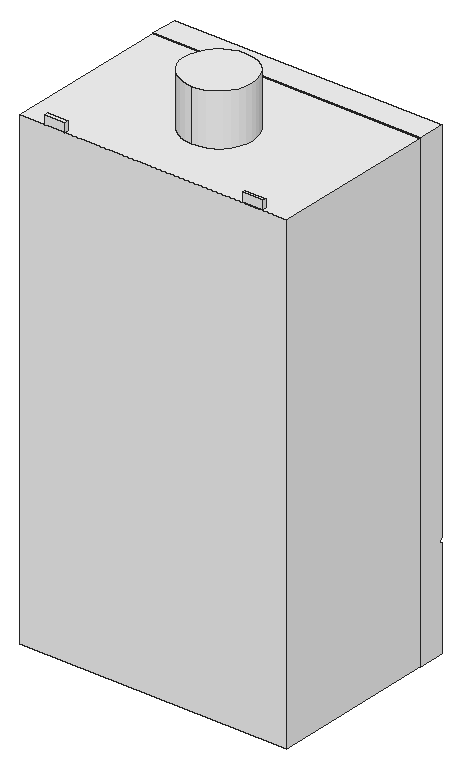
Revit family "G-2021_ES_Caldera_De-Dietrich_Inidens", category Mechanical Equipment, host Wall, Revit 2021
Family settings
  Host = Wall
  Round Connector Dimension = Use Diameter
  Part Type = Normal
  OmniClass Number = 23.65.35.11
  OmniClass Title = Supply Water Heaters
  Always vertical = Yes
  Cut with Voids When Loaded = No
  Shared = No
  Room Calculation Point = No
Parameters (values of type "INIDENS 24")
  Área de Superficie de Transferencia de Calor = 0.00 m²
  Zona = ""
  Vida Util Esperada = ""
  Version Estandar GDO-BIM = "GDO-BIM V02"  # constant formula
  Version = "RVT2021"  # constant formula
  Unidad Medicion = "Unidad"
  Unidad = ""
  Uniclass2015 Titulo = "Boilers"  # constant formula
  Uniclass2015 Codigo = "Pr_60-60-08"  # constant formula
  URL de Declaracion de Prestaciones = ""
  URL Producto = "https://www.dedietrich-calefaccion.es/productos/gama_de_productos/calderas_murales_domesticas/gas_de_condensacion_inidens"
  URL Perfil BIM = "https://bimetica.com/es/objeto-bim-dedietrich-caldera-gas-inidens-11066.html"
  URL = "www.dedietrich-calefaccion.es"
  UNSPSC Titulo = "Boilers"  # constant formula
  UNSPSC Codigo = "40102000"  # constant formula
  Titular = "De Dietrich Thermique Iberia, S.L.U."  # constant formula
  Tipo Embalaje Proteccion = ""
  Tiempo Util De Vida = ""
  Tiempo Medio Entre Fallos = ""
  Telefono Contacto = "+34 900 802 143"  # constant formula
  Soporte tecnico BIM = "https://bimsupport.info/es/fabricantes/de-dietrich-bim/"
  Sistema = ""
  Serie = "INIDENS"  # constant formula
  Responsable Seguridad = ""
  Responsable Prescripcion = ""
  Responsable Compra = ""
  Residuos Peligrosos por Unidad = 0
  Residuos No Peligrosos por Unidad = 0
  Residuo Radioactivo por Unidad = 0
  Residuo Inerte por Unidad = 0
  Relacion de carga parcial nominal = 0
  Referencia Unidad Funcional = ""
  Referencia Lote = ""
  Referencia Contacto Soporte Tecnico = ""
  Referencia Contacto Comercial Venta = ""
  Referencia = "INIDENS"  # constant formula
  Rango de temperatura de suministro de agua = "de 35 a 60 °C"
  Rango de temperatura de salida = "de 25 a 80 °C"
  Punto de Contacto = ""
  Profundidad = 285 mm
  Plataforma descaga contenido BIM = "www.bimetica.com"
  Peso = 0.00 kg
  Periodo Garantia = ""
  Partida URL = ""
  Pais de Venta = ""
  Omniclass Titulo = "Commercial Boilers"  # constant formula
  Omniclass Codigo = "23-33 11 00"  # constant formula
  Numero de Licencia = "XXX-XXXX7125"  # constant formula
  Numero de Declaracion de Prestaciones = ""
  Numero Serie = ""
  Numero Articulo Global Comercial = ""
  Numero Articulo = ""
  Nivel de Riesgo = ""
  Modo operativo = ""
  Model = "INIDENS 24"
  Material Envoltura = ""
  Material Contenedor = ""
  Material = Latón, pintado blanco
  Masterformat Titulo = "Heating Boilers"  # constant formula
  Masterformat Codigo = "23 52 00"  # constant formula
  Marcado CE = no
  Manufacturer = "De Dietrich Thermique Iberia, S.L.U."  # constant formula
  Mantenimiento = ""
  Lugar Ensamblaje = ""
  Instrucciones Especiales = ""
  Informacion Tecnica = "https://www.dedietrich-calefaccion.es/download/file?file=var/ddth/storage/original/application/f0647964f0aa059b114d64cc7919898b.pdf&filename=Folleto_te_cnico_INIDENS_20_05.pdf"
  IfcExportType = "Caldera"
  IfcExportAs = "IfcBoiler"  # constant formula
  Identificador Garantia = ""
  Historial = "(RVT2021) Creación de Elemento."  # constant formula
  Gubimclass Titulo = "Calderas"  # constant formula
  Gubimclass Codigo = "50.30.10.40"  # constant formula
  Garantia Extendida = yes
  Fuente de energia = "gas natural o propano"
  Fuente Datos LCA = ""
  Formacion Fotoquimica Ozono por Unidad = 0
  Fecha Vencimiento Elemento BIM = "25.05.2023"  # constant formula
  Fecha Suministro = ""
  Fecha Inicio Garantia = ""
  Fecha Fin Garantia = ""
  Fecha Evaluacion = ""
  Fecha Emision Elemento BIM = "25.05.2022"  # constant formula
  Fecha Compra = ""
  Fecha Colocacion = ""
  Fase Ciclo Vida = ""
  Falta de Recursos por Unidad = 0
  Exclusiones = ""
  Eutrofizacion por Unidad = 0
  Etiqueta Modelo = "INIDENS 24"
  Estandar seguridad = ""
  Espacio libre acceso = 0 mm
  Espacio = ""
  Es calentador de almacenamiento de agua = yes
  Es Exterior = no
  Es Accesible = yes
  Energia consumida = 0
  Energia Renovable Consumida por Unidad = 0
  Energia Primaria Total Consumida por Unidad = 0
  Energia No Renovable Consumida por Unidad = 0
  Email Contacto = "info@dedietrichthemique.es"  # constant formula
  Diámetro Salida Gases Combustión = 609.6 mm
  Diámetro Salida ACS = 12.7 mm
  Diámetro Retorno Calefacción = 12.7 mm
  Diámetro Impulsión Calefacción = 19.1 mm
  Diámetro Entrada Agua Fría = 12.7 mm
  Diámetro Desagüe de Condensados = 12.7 mm
  Diámetro Desagüe Válvula Seguridad = 12.7 mm
  Destruccion Capa Ozono Estratosferica por Unidad = 0
  Desfase = 0 mm
  Description = "Calderas murales de condensación de gas completamente preajustadas, equipadas para funcionar con gas natural o propano."
  Descripcion Evaluacion = ""
  Dependiente De = ""
  Default Elevation = 0 mm
  Declaracion Ambiental de Producto URL = ""
  Curvas de eficiencia de carga parcial = 0
  Creditos LEED = ""
  Creditos BREEAM = ""
  Coste Mantenimiento = 0
  Contenido Garantia = ""
  Contacto = ""
  Consumo nominal de energia = 24000 W
  Condiciones de Venta = ""
  Condiciones Evaluacion = ""
  Codigo Barras = ""
  Codigo = "INIDENS 24"
  Caudal ACS = 0.0 L/s
  Capacidad de almacenamiento de agua = 0.00 m³
  Cambio Climatico por Unidad = 0
  Calificacion de presion = 100.0 Pa
  COBie Categoria = "IfcBoiler"
  Base Precio Producto 03 = ""
  Base Precio Producto 02 = ""
  Base Precio Producto 01 = ""
  Autor = "De Dietrich Thermique Iberia, S.L.U."  # constant formula
  Ano Produccion = ""
  Anchura = 395 mm
  Altura minima requerida = 1200 mm
  Altura = 776 mm
  Agua Consumida por Unidad = 0
  Acidificacion Atmosferica por Unidad = 0
  Acabado = ""
Types (4, lengths in mm): name | Diámetro Salida Gases Combustión | Consumo nominal de energia
  INIDENS 24 | 609.6 | 24000 W
  INIDENS 20/24 MI | 609.6 | 20000 W
  INIDENS 24/28 MI | 609.6 | 24000 W
  INIDENS 30/35 MI | 100 | 30000 W
Reference planes
  plane 1 "Wall": y = 0
  plane 2 "Center (Left/Right)": x = 0
  plane 3 "Back": y = 75
  plane 4: x = -197.5
  plane 5: x = 197.5
  plane 6 "Front": y = 360
  plane 7 "Top": z = 1976
  plane 8 "Center (Elevation)": z = 1588
  plane 9 "Bottom": z = 1200
  plane 10 "T": z = 1900
Forms (mm)
  Extrusion 1, solid, material "Latón, pintado blanco" <- "Material", detail levels medium+fine
    sketch origin (-709.776, 225, 1200) x (0, 1, 0) y (1, 0, 0)
      loop
        line (95, 512.276) -> (95, 907.276) -> (-150, 907.276) -> (-150, 512.276) -> (95, 512.276)
    from 0 to -700
  Extrusion 2, solid, material "Latón, pintado blanco" <- "Material", detail levels medium+fine
    sketch origin (0, 0, 0) x (0, 1, 0) y (0, 0, 1)
      loop
        line (360, 1900) -> (321, 1900) -> (321, 1200) -> (360, 1200) -> (360, 1346.464) -> (356.464, 1350) -> (360, 1353.536) -> (360, 1900)
    from -197.5 to 197.5
  Extrusion 3, void
    sketch origin (843.71, 360, 1200) x (-1, 0, 0) y (0, 0, 1)
      loop
        line (763.71, 103.232) -> (763.71, 43.232) -> (923.71, 43.232) -> (923.71, 103.232) -> (763.71, 103.232)
      loop
        line (843.71, 164.142) -> (829.568, 150) -> (843.71, 135.858) -> (857.852, 150) -> (843.71, 164.142)
    from 0 to -3.455
  Extrusion 4, void
    sketch origin (843.71, 356.545, 1200) x (1, 0, 0) y (0, 0, 1)
      loop
        line (-813.71, 88.232) -> (-873.71, 88.232) -> (-873.71, 58.232) -> (-813.71, 58.232) -> (-813.71, 88.232)
    from 0 to 1
  Extrusion 5, solid, detail levels fine
    sketch origin (-709.776, 225, 1200) x (0, 1, 0) y (1, 0, 0)
      loop
        circle (-82.5, 879.276) r 15
      loop
        circle (-45, 839.776) r 15
      loop
        circle (-45, 774.776) r 15
      loop
        circle (-45, 644.776) r 15
      loop
        circle (-45, 579.776) r 15
      loop
        circle (4, 774.776) r 15
      loop
        circle (-15, 709.776) r 15
      loop
        circle (4, 824.776) r 15
      loop
        circle (4, 652.776) r 15
    from 0 to 1
  Extrusion 6, solid, material "Latón, pintado blanco" <- "Material", detail levels fine
    sketch origin (0, 75, 0) x (1, 0, 0) y (0, 0, 1)
      loop
        line (161, 1913) -> (131, 1913) -> (131, 1900) -> (161, 1900) -> (161, 1913)
      loop
        line (-161, 1913) -> (-161, 1900) -> (-131, 1900) -> (-131, 1913) -> (-161, 1913)
    from 0 to -5
  Extrusion 7, solid, material "Latón, pintado blanco" <- "Material", detail levels medium+fine
    sketch origin (0, 0, 1976) x (0, 1, 0) y (-1, 0, 0)
      loop
        circle (195, 0) r 50
    from 0 to -76
  Extrusion 8, solid, material "Latón, pintado blanco" <- "Material", detail levels coarse
    sketch origin (0, 0, 1976) x (0, 1, 0) y (-1, 0, 0)
      loop
        line (360, 197.5) -> (75, 197.5) -> (75, -197.5) -> (360, -197.5) -> (360, 197.5)
    from 0 to -776
Cuts and joins
  Extrusion 3, Extrusion 4 cuts Extrusion 1
  Extrusion 3, Extrusion 4 cuts Extrusion 2
Text (mm)
  text "Placement side" at (-1820.995, 1116.779, 0), in view "Ref. Level"
  text "Placement side" at (0, 1334.055, 2976.191), in view "Left"
  text "Placement side" at (0, 439.194, 2944.362), in view "Right"
Dimensions and locks
  "Desfase": host wall to plane 3 "Back"
  "Profundidad": plane 3 "Back" to plane 6 "Front"
  equal spacing: plane 4, plane 2 "Center (Left/Right)", plane 5
  "Anchura": plane 4 to plane 5
  equal spacing: plane 9 "Bottom", plane 8 "Center (Elevation)", plane 7 "Top"
  "Altura": plane 9 "Bottom" to plane 7 "Top"
  "Altura minima requerida": level to plane 9 "Bottom"
  locked: plane 10 "T" to plane 7 "Top" at 76
  locked: Extrusion 1 sketch curve to plane 6 "Front" at 40
  locked: plane 6 "Front" to Extrusion 2 sketch curve at 39
  plane 9 "Bottom" to Extrusion 2 sketch curve to Extrusion 2 sketch curve to Extrusion 2 sketch curve = 146.464 mm locked, 3.536 mm locked, 3.536 mm locked
  Extrusion 6 sketch curve to Extrusion 6 sketch curve to plane 4 = 30 mm locked, 36.5 mm locked
  Extrusion 6 sketch curve to Extrusion 6 sketch curve to plane 5 = 30 mm locked, 36.5 mm locked
  locked: plane 10 "T" to Extrusion 6 sketch curve at 13
  locked: plane 3 "Back" to Extrusion 7 sketch curve at 120
  Extrusion 5 sketch curve to plane 2 "Center (Left/Right)" to Extrusion 5 sketch curve to Extrusion 5 sketch curve = 57 mm locked, 65 mm locked, 50 mm locked
  plane 3 "Back" to Extrusion 5 sketch curve to Extrusion 5 sketch curve to Extrusion 5 sketch curve to Extrusion 5 sketch curve to Extrusion 5 sketch curve to Extrusion 5 sketch curve to Extrusion 5 sketch curve to Extrusion 5 sketch curve to Extrusion 5 sketch curve = 67.5 mm locked, 37.5 mm locked, 0 mm locked, 0 mm locked, 0 mm locked, 30 mm locked, 19 mm locked, 0 mm locked, 0 mm locked
  plane 4 to Extrusion 5 sketch curve to Extrusion 5 sketch curve = 67.5 mm locked, 50 mm locked
  Extrusion 5 sketch curve to Extrusion 5 sketch curve to Extrusion 5 sketch curve to plane 5 = 50 mm locked, 39.5 mm locked, 28 mm locked
  aligned and locked: plane 1 "Wall" to host wall
  aligned and locked: plane 4 to Extrusion 1 sketch curve
  aligned and locked: plane 3 "Back" to Extrusion 1 sketch curve
  aligned and locked: plane 5 to Extrusion 1 sketch curve
  aligned and locked: Extrusion 1 to plane 9 "Bottom"
  aligned and locked: Extrusion 1 to plane 10 "T"
  aligned and locked: plane 10 "T" to Extrusion 2 sketch curve
  aligned and locked: plane 6 "Front" to Extrusion 2 sketch curve
  aligned and locked: Extrusion 2 sketch curve to plane 9 "Bottom"
  aligned and locked: Extrusion 2 to plane 4
  aligned and locked: Extrusion 2 to plane 5
  aligned and locked: Extrusion 6 sketch curve to plane 10 "T"
  aligned and locked: plane 10 "T" to Extrusion 6 sketch curve
  aligned and locked: Extrusion 6 sketch curve to Extrusion 6 sketch curve
  aligned and locked: plane 2 "Center (Left/Right)" to Extrusion 7 sketch curve
  aligned and locked: plane 7 "Top" to Extrusion 7
  aligned and locked: plane 10 "T" to Extrusion 7
  aligned and locked: plane 2 "Center (Left/Right)" to Extrusion 5 sketch curve
  aligned and locked: plane 5 to Extrusion 8 sketch curve
  aligned and locked: Extrusion 8 sketch curve to plane 3 "Back"
  aligned and locked: plane 4 to Extrusion 8 sketch curve
  aligned and locked: plane 6 "Front" to Extrusion 8 sketch curve
  aligned and locked: plane 7 "Top" to Extrusion 8
  aligned and locked: plane 9 "Bottom" to Extrusion 8
Automatic sketch dimensions
  Extrusion 2 sketch curve to plane 6 "Front" = 0 mm
  Extrusion 3 sketch curve to plane 2 "Center (Left/Right)" = 0 mm  (x2)
  Extrusion 3 sketch curve to plane 2 "Center (Left/Right)" = 14.142 mm
  Extrusion 3 sketch curve to plane 2 "Center (Left/Right)" = 80 mm
  plane 2 "Center (Left/Right)" to Extrusion 3 sketch curve = 80 mm
  Extrusion 3 sketch curve to plane 9 "Bottom" = 43.232 mm
  Extrusion 3 sketch curve to Extrusion 3 sketch curve = 60 mm
  Extrusion 3 sketch curve to Extrusion 3 sketch curve = 32.626 mm
  Extrusion 3 sketch curve to Extrusion 3 sketch curve = 14.142 mm
  Extrusion 3 to Extrusion 4 sketch curve = 15 mm
  Extrusion 3 to Extrusion 4 sketch curve = 50 mm
  Extrusion 3 to Extrusion 4 sketch curve = 110 mm
  Extrusion 4 sketch curve to Extrusion 4 sketch curve = 30 mm
  Extrusion 5 sketch curve to Extrusion 5 sketch curve = 0 mm
  Extrusion 5 sketch curve to Extrusion 5 sketch curve = 8 mm
  radius of Extrusion 7 sketch curve = 50 mm
  radius of Extrusion 5 sketch curve = 15 mm  (x7)
Connectors
  piping at (169.5, 142.5, 1200), diameter 12.7, driven by "Diámetro Desagüe de Condensados"
    settings: on Extrusion 5, index 1, connector inside diameter 609.6 mm, connector length 0 mm, flow factor 0, pipe flow 0.0 L/s, pressure drop 0.0 Pa, fitting loss kfactor 0, connector angle 0.00°, fixture units 0, engagement length 0 mm, angle of deflection 0.00°, flow configuration 0, flow direction 2, fitting loss method 0, system type 8, joint type 0, gender type 0, connector reference index -1, connector utility 0, adjustable connector no, is connector primary yes, connector description "Desagüe de condensados"
  piping at (115, 229, 1200), diameter 12.7, driven by "Diámetro Desagüe Válvula Seguridad"
    settings: on Extrusion 5, index 2, connector inside diameter 609.6 mm, connector length 0 mm, flow factor 0, pipe flow 0.0 L/s, pressure drop 0.0 Pa, fitting loss kfactor 0, connector angle 0.00°, fixture units 0, engagement length 0 mm, angle of deflection 0.00°, flow configuration 0, flow direction 2, fitting loss method 0, system type 8, joint type 0, gender type 0, connector reference index -1, connector utility 0, adjustable connector no, is connector primary no, connector description "Desagüe válvula de seguridad y\r\nválvula de vaciado"
  piping at (65, 180, 1200), diameter 12.7, driven by "Diámetro Salida ACS", driven by "Caudal ACS"
    settings: on Extrusion 5, index 3, connector inside diameter 609.6 mm, connector length 0 mm, flow factor 0, pipe flow 0.0 L/s, pressure drop 0.0 Pa, fitting loss kfactor 0, connector angle 0.00°, fixture units 0, engagement length 0 mm, angle of deflection 0.00°, flow configuration 0, flow direction 2, fitting loss method 0, system type 19, joint type 0, gender type 0, connector reference index -1, connector utility 0, adjustable connector no, is connector primary no, connector description "Salida de ACS en G de 1/2\""
  piping at (0, 210, 1200), diameter 19.1
    settings: on Extrusion 5, index 4, connector inside diameter 609.6 mm, connector length 0 mm, flow factor 0, pipe flow 0.0 L/s, pressure drop 0.0 Pa, fitting loss kfactor 0, connector angle 0.00°, fixture units 0, engagement length 0 mm, angle of deflection 0.00°, flow configuration 0, flow direction 1, fitting loss method 0, system type 22, joint type 0, gender type 0, connector reference index -1, connector utility 0, adjustable connector no, is connector primary no, connector description "Conexión de gas en G de 3/4\""
  piping at (-65, 180, 1200), diameter 12.7, driven by "Diámetro Entrada Agua Fría"
    settings: on Extrusion 5, index 5, connector inside diameter 609.6 mm, connector length 0 mm, flow factor 0, pipe flow 0.0 L/s, pressure drop 0.0 Pa, fitting loss kfactor 0, connector angle 0.00°, fixture units 0, engagement length 0 mm, angle of deflection 0.00°, flow configuration 0, flow direction 1, fitting loss method 0, system type 20, joint type 0, gender type 0, connector reference index -1, connector utility 0, adjustable connector no, is connector primary no, connector description "Entrada de agua fría en G de 1/2\""
  piping at (-130, 180, 1200), diameter 12.7, driven by "Diámetro Retorno Calefacción"
    settings: on Extrusion 5, index 6, connector inside diameter 609.6 mm, connector length 0 mm, flow factor 0, pipe flow 0.0 L/s, pressure drop 0.0 Pa, fitting loss kfactor 0, connector angle 0.00°, fixture units 0, engagement length 0 mm, angle of deflection 0.00°, flow configuration 0, flow direction 1, fitting loss method 0, system type 19, joint type 0, gender type 0, connector reference index -1, connector utility 0, adjustable connector no, is connector primary no, connector description "Retorno de calefacción en G de 3/4\""
  piping at (130, 180, 1200), diameter 19.1, driven by "Diámetro Impulsión Calefacción"
    settings: on Extrusion 5, index 7, connector inside diameter 609.6 mm, connector length 0 mm, flow factor 0, pipe flow 0.0 L/s, pressure drop 0.0 Pa, fitting loss kfactor 0, connector angle 0.00°, fixture units 0, engagement length 0 mm, angle of deflection 0.00°, flow configuration 0, flow direction 2, fitting loss method 0, system type 19, joint type 0, gender type 0, connector reference index -1, connector utility 0, adjustable connector no, is connector primary no, connector description "Impulsión de calefacción en G de\r\n3/4\""
  hvac at (0, 195, 1976), driven by "Diámetro Salida Gases Combustión"
    settings: on Extrusion 7, index 8, duct flow 0.0 L/s, flow factor 0, pres drop 0.0 Pa, loss coef 0, conn angle 0.00°, conn width 304.8 mm, conn height 304.8 mm, conn diameter 609.6 mm, duct sys type 3, conn prof type 0, flow config 0, flow direction 2, loss method 0, conn ref index -1, conn util no, is conn primary yes, conn desc "Conexión aire gases de combustión\r\nde 60/100 mm de Ø con toma de\r\nmedida de combustión"
